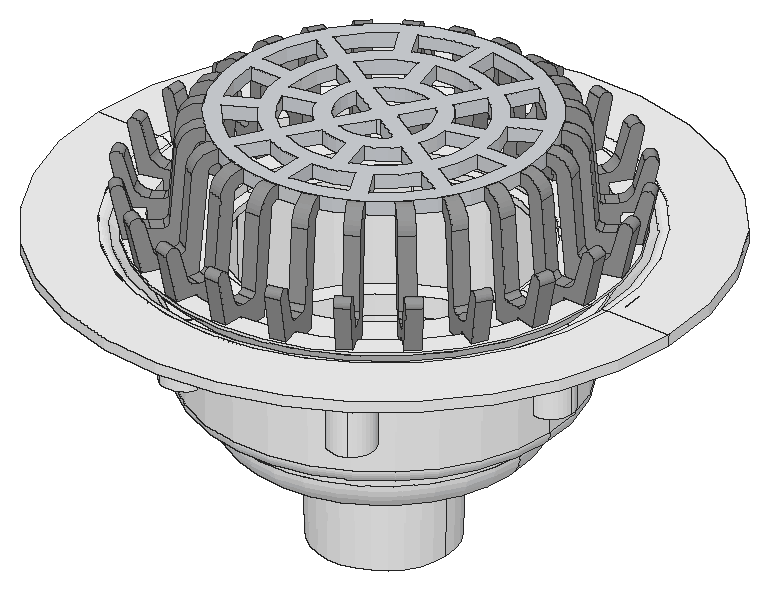
Revit family "3100.173", category Plumbing Fixtures, Revit 2016
Family settings
  Part Type = Normal
  Round Connector Dimension = Use Diameter
  OmniClass Number = 23.45.00.00
  OmniClass Title = Sanitary, Laundry, and Cleaning Equipment
  Work Plane-Based = No
  Always vertical = Yes
  Cut with Voids When Loaded = No
  Shared = No
  Room Calculation Point = No
Parameters (values of type "3100.173")
  Waste Connection = yes
  Vent Connection = yes
  URL = "www.aquaknight.co.nz"
  Phone = "+6498322214"  # constant formula
  Model = "3100.173"
  Manufacturer = "Aquanight Industries Ltd"  # constant formula
  HW Connection = no
  Email = "info@aquaknight.co.nz"  # constant formula
  Description = "Roof Drain SD HF BE50 DN100x50"
  CW Connection = no
Reference planes
  plane 1 "Center (Front/Back)": y = 0
  plane 2: z = 0
  plane 3 "Center (Left/Right)": x = 0
  plane 4: z = -80
Forms (mm)
  Revolve 1, solid, material "Stainless Steel", detail levels coarse+medium
    sketch origin (0, 0, -4) x (1, 0, 0) y (0, 0, 1)
      loop
        arc (-74.388, 8.35) -> (-77.362, 9.331) -> (-79.169, 11.888) r 5
        line (-79.169, 11.888) -> (-82.46, 22.651)
        arc (-82.46, 22.651) -> (-85.284, 24.218) -> (-86.95, 21.452) r 2.325
        line (-86.95, 21.452) -> (-83.071, 4.65) -> (-75, 4.65) -> (-75, 1.923) -> (-63.725, 1.923) -> (-60.88, 34.436)
        arc (-60.88, 34.436) -> (-59.277, 37.686) -> (-55.899, 39) r 5
        line (-55.899, 39) -> (0, 39) -> (0, 44) -> (-57.463, 44)
        arc (-57.463, 44) -> (-63.271, 41.727) -> (-65.991, 36.115) r 8.554
        line (-65.991, 36.115) -> (-68.033, 10.092)
        arc (-68.033, 10.092) -> (-68.634, 8.852) -> (-69.917, 8.35) r 1.89
        line (-69.917, 8.35) -> (-74.388, 8.35)
      axis (0, 44) -> (0, 1.923)
    angle from 0 to 360
  Revolve 2, solid, material "Plastic, Glossy White"
    sketch origin (0, 0, -4) x (1, 0, 0) y (0, 0, 1)
      loop
        line (-55.289, -60.153) -> (-55.401, -53.75) -> (-61.598, -53.75)
        arc (-61.598, -53.75) -> (-65.465, -52.168) -> (-67.114, -48.331) r 5.517
        line (-67.114, -48.331) -> (-67.623, -19.5) -> (-74.069, -19.5)
        arc (-74.069, -19.5) -> (-76.896, -18.33) -> (-78.069, -15.504) r 4
        line (-78.069, -15.504) -> (-78.069, -12.648) -> (-89.863, 0) -> (-115, 0) -> (-115, 4) -> (-90.298, 4)
        arc (-90.298, 4) -> (-88.304, 3.585) -> (-86.641, 2.41) r 5
        line (-86.641, 2.41) -> (-75.069, -10) -> (-72.737, -12.5) -> (-59.466, -12.5) -> (-58.805, -50.375) -> (-51.459, -50.375) -> (-51.459, -58.087)
        arc (-51.459, -58.087) -> (-48.832, -64.843) -> (-42.331, -68.049) r 10
        line (-42.331, -68.049) -> (-21.456, -69.875) -> (-21.456, -107.537) -> (-25.034, -107.537) -> (-25.784, -73.512) -> (-44.246, -71.897)
        arc (-44.246, -71.897) -> (-51.977, -68.126) -> (-55.199, -60.152) r 12
      loop
        line (-51.5, -6.15) -> (-51.5, -3.639) -> (-55.5, -3.639) -> (-55.5, -0.65) -> (-75.215, -0.65) -> (-75.215, 4) -> (-83.73, 4) -> (-83.73, 3.08) -> (-75.475, -5.175) -> (-51.5, -6.15)
      axis (0, 4) -> (0, -107.537)
    angle from 0 to 360
  Extrusion 3, solid, material "Plastic, Glossy White", detail levels medium+fine
    sketch origin (0, 0, -4) x (1, 0, 0) y (0, 1, 0)
      loop
        circle (67.565, 0) r 8.2
      loop
        circle (-67.565, 0) r 8.2
      loop
        circle (-33.782, 58.513) r 8.2
      loop
        circle (33.782, 58.513) r 8.2
      loop
        circle (-33.782, -58.513) r 8.2
      loop
        circle (33.782, -58.513) r 8.2
    from -38.379 to -12.5
  Extrusion 4, solid, detail levels fine
    sketch origin (0, 0, 0) x (1, 0, 0) y (0, 1, 0)
      loop
        line (-27.924, 19.575) -> (-17.706, 13.676)
        arc (-17.706, 13.676) -> (-13.608, 17.763) -> (-8.599, 20.664) r 22.39
        line (-8.599, 20.664) -> (-11.653, 32.06)
        arc (-11.653, 32.06) -> (-20.749, 27.069) -> (-27.924, 19.575) r 34.12
      loop
        line (-5.897, 33.603) -> (-2.844, 22.206)
        arc (-2.844, 22.206) -> (2.944, 22.198) -> (8.537, 20.708) r 22.39
        line (8.537, 20.708) -> (14.437, 30.926)
        arc (14.437, 30.926) -> (4.475, 33.828) -> (-5.897, 33.603) r 34.12
      loop
        line (19.597, 27.946) -> (13.698, 17.728)
        arc (13.698, 17.728) -> (17.785, 13.63) -> (20.686, 8.621) r 22.39
        line (20.686, 8.621) -> (32.082, 11.675)
        arc (32.082, 11.675) -> (27.091, 20.771) -> (19.597, 27.946) r 34.12
      loop
        arc (22.228, 2.866) -> (22.22, -2.922) -> (20.729, -8.515) r 22.39
        line (20.729, -8.515) -> (30.948, -14.415)
        arc (30.948, -14.415) -> (33.85, -4.454) -> (33.625, 5.919) r 34.12
        line (33.625, 5.919) -> (22.228, 2.866)
      loop
        line (27.924, -19.575) -> (17.706, -13.676)
        arc (17.706, -13.676) -> (13.608, -17.763) -> (8.599, -20.664) r 22.39
        line (8.599, -20.664) -> (11.653, -32.06)
        arc (11.653, -32.06) -> (20.749, -27.069) -> (27.924, -19.575) r 34.12
      loop
        line (5.941, -33.603) -> (2.887, -22.206)
        arc (2.887, -22.206) -> (-2.901, -22.198) -> (-8.493, -20.708) r 22.39
        line (-8.493, -20.708) -> (-14.393, -30.926)
        arc (-14.393, -30.926) -> (-4.432, -33.828) -> (5.941, -33.603) r 34.12
      loop
        line (-19.553, -27.946) -> (-13.654, -17.728)
        arc (-13.654, -17.728) -> (-17.741, -13.63) -> (-20.642, -8.621) r 22.39
        line (-20.642, -8.621) -> (-32.038, -11.675)
        arc (-32.038, -11.675) -> (-27.047, -20.771) -> (-19.553, -27.946) r 34.12
      loop
        line (-33.581, -5.919) -> (-22.184, -2.866)
        arc (-22.184, -2.866) -> (-22.177, 2.922) -> (-20.686, 8.515) r 22.39
        line (-20.686, 8.515) -> (-30.904, 14.415)
        arc (-30.904, 14.415) -> (-33.806, 4.454) -> (-33.581, -5.919) r 34.12
      loop
        arc (-15.566, 5.56) -> (-15.964, -4.283) -> (-10.698, -12.609) r 16.55
        line (-10.698, -12.609) -> (-4.566, -1.988)
        arc (-4.566, -1.988) -> (-4.808, -1.294) -> (-4.945, -0.573) r 5
        line (-4.945, -0.573) -> (-15.566, 5.56)
      loop
        arc (-1.966, 4.588) -> (-1.272, 4.83) -> (-0.551, 4.967) r 5
        line (-0.551, 4.967) -> (5.581, 15.588)
        arc (5.581, 15.588) -> (-4.262, 15.986) -> (-12.587, 10.72) r 16.55
        line (-12.587, 10.72) -> (-1.966, 4.588)
      loop
        arc (4.61, 1.988) -> (4.852, 1.294) -> (4.989, 0.573) r 5
        line (4.989, 0.573) -> (15.61, -5.56)
        arc (15.61, -5.56) -> (16.008, 4.283) -> (10.742, 12.609) r 16.55
        line (10.742, 12.609) -> (4.61, 1.988)
      loop
        arc (2.01, -4.588) -> (1.316, -4.83) -> (0.594, -4.967) r 5
        line (0.594, -4.967) -> (-5.538, -15.588)
        arc (-5.538, -15.588) -> (4.305, -15.986) -> (12.631, -10.72) r 16.55
        line (12.631, -10.72) -> (2.01, -4.588)
      loop
        line (-35.926, 17.314) -> (-46.028, 23.147)
        arc (-46.028, 23.147) -> (-49.762, 13.34) -> (-51.432, 2.979) r 51.54
        line (-51.432, 2.979) -> (-39.767, 2.979)
        arc (-39.767, 2.979) -> (-38.519, 10.327) -> (-35.926, 17.314) r 39.9
      loop
        line (-22.453, 32.968) -> (-28.285, 43.071)
        arc (-28.285, 43.071) -> (-36.422, 36.444) -> (-43.049, 28.307) r 51.54
        line (-43.049, 28.307) -> (-32.946, 22.475)
        arc (-32.946, 22.475) -> (-28.192, 28.214) -> (-22.453, 32.968) r 39.9
      loop
        line (-2.957, 39.789) -> (-2.957, 51.454)
        arc (-2.957, 51.454) -> (-13.318, 49.784) -> (-23.125, 46.05) r 51.54
        line (-23.125, 46.05) -> (-17.292, 35.948)
        arc (-17.292, 35.948) -> (-10.305, 38.54) -> (-2.957, 39.789) r 39.9
      loop
        line (17.292, 35.948) -> (23.125, 46.05)
        arc (23.125, 46.05) -> (13.318, 49.784) -> (2.957, 51.454) r 51.54
        line (2.957, 51.454) -> (2.957, 39.789)
        arc (2.957, 39.789) -> (10.305, 38.54) -> (17.292, 35.948) r 39.9
      loop
        line (32.946, 22.475) -> (43.049, 28.307)
        arc (43.049, 28.307) -> (36.422, 36.444) -> (28.285, 43.071) r 51.54
        line (28.285, 43.071) -> (22.453, 32.968)
        arc (22.453, 32.968) -> (28.192, 28.214) -> (32.946, 22.475) r 39.9
      loop
        line (39.767, 2.979) -> (51.432, 2.979)
        arc (51.432, 2.979) -> (49.762, 13.34) -> (46.028, 23.147) r 51.54
        line (46.028, 23.147) -> (35.926, 17.314)
        arc (35.926, 17.314) -> (38.519, 10.327) -> (39.767, 2.979) r 39.9
      loop
        line (35.926, -17.314) -> (46.028, -23.147)
        arc (46.028, -23.147) -> (49.762, -13.34) -> (51.432, -2.979) r 51.54
        line (51.432, -2.979) -> (39.767, -2.979)
        arc (39.767, -2.979) -> (38.519, -10.327) -> (35.926, -17.314) r 39.9
      loop
        line (22.453, -32.968) -> (28.285, -43.071)
        arc (28.285, -43.071) -> (36.422, -36.444) -> (43.049, -28.307) r 51.54
        line (43.049, -28.307) -> (32.946, -22.475)
        arc (32.946, -22.475) -> (28.192, -28.214) -> (22.453, -32.968) r 39.9
      loop
        line (2.957, -39.789) -> (2.957, -51.454)
        arc (2.957, -51.454) -> (13.318, -49.784) -> (23.125, -46.05) r 51.54
        line (23.125, -46.05) -> (17.292, -35.948)
        arc (17.292, -35.948) -> (10.305, -38.54) -> (2.957, -39.789) r 39.9
      loop
        line (-17.292, -35.948) -> (-23.125, -46.05)
        arc (-23.125, -46.05) -> (-13.318, -49.784) -> (-2.957, -51.454) r 51.54
        line (-2.957, -51.454) -> (-2.957, -39.789)
        arc (-2.957, -39.789) -> (-10.305, -38.54) -> (-17.292, -35.948) r 39.9
      loop
        line (-32.946, -22.475) -> (-43.049, -28.307)
        arc (-43.049, -28.307) -> (-36.422, -36.444) -> (-28.285, -43.071) r 51.54
        line (-28.285, -43.071) -> (-22.453, -32.968)
        arc (-22.453, -32.968) -> (-28.192, -28.214) -> (-32.946, -22.475) r 39.9
      loop
        line (-39.767, -2.979) -> (-51.432, -2.979)
        arc (-51.432, -2.979) -> (-49.762, -13.34) -> (-46.028, -23.147) r 51.54
        line (-46.028, -23.147) -> (-35.926, -17.314)
        arc (-35.926, -17.314) -> (-38.519, -10.327) -> (-39.767, -2.979) r 39.9
      loop
        circle (-0.022, 0) r 57.265
    from 35 to 40
Lines and regions (mm)
  model lines, detail levels medium+fine
    curve 1: circle (53.522, 92.665, 0) r 4.5 normal (0, 0, 1)
    curve 2: circle (107.022, 0, 0) r 4.5 normal (0, 0, 1)
    curve 3: circle (-53.478, 92.665, 0) r 4.5 normal (0, 0, 1)
    curve 4: circle (-106.978, 0, 0) r 4.5 normal (0, 0, 1)
    curve 5: circle (-53.478, -92.665, 0) r 4.5 normal (0, 0, 1)
    curve 6: circle (53.522, -92.665, 0) r 4.5 normal (0, 0, 1)
Dimensions and locks
  locked: level to plane 4 at 80
  locked: connector elem to plane 1 "Center (Front/Back)" at 0
  locked: connector elem to plane 3 "Center (Left/Right)" at 0
  aligned and locked: level to plane 2
Nested families
  nested 1: "hook" at (0, 0, 0), type "230", detail levels fine
  nested 2: "hook" at (0, 0, 0) x (0.9659, 0.2588, 0) z (0, 0, 1), type "230", detail levels fine
  nested 3: "hook" at (0, 0, 0) x (0.866, 0.5, 0) z (0, 0, 1), type "230", detail levels fine
  nested 4: "hook" at (0, 0, 0) x (0.7071, 0.7071, 0) z (0, 0, 1), type "230", detail levels fine
  nested 5: "hook" at (0, 0, 0) x (0.5, 0.866, 0) z (0, 0, 1), type "230", detail levels fine
  nested 6: "hook" at (0, 0, 0) x (0.2588, 0.9659, 0) z (0, 0, 1), type "230", detail levels fine
  nested 7: "hook" at (0, 0, 0) x (0, 1, 0) z (0, 0, 1), type "230", detail levels fine
  nested 8: "hook" at (0, 0, 0) x (-0.2588, 0.9659, 0) z (0, 0, 1), type "230", detail levels fine
  nested 9: "hook" at (0, 0, 0) x (-0.5, 0.866, 0) z (0, 0, 1), type "230", detail levels fine
  nested 10: "hook" at (0, 0, 0) x (-0.7071, 0.7071, 0) z (0, 0, 1), type "230", detail levels fine
  nested 11: "hook" at (0, 0, 0) x (-0.866, 0.5, 0) z (0, 0, 1), type "230", detail levels fine
  nested 12: "hook" at (0, 0, 0) x (-0.9659, 0.2588, 0) z (0, 0, 1), type "230", detail levels fine
  nested 13: "hook" at (0, 0, 0) x (-1, 0, 0) z (0, 0, 1), type "230", detail levels fine
  nested 14: "hook" at (0, 0, 0) x (-0.9659, -0.2588, 0) z (0, 0, 1), type "230", detail levels fine
  nested 15: "hook" at (0, 0, 0) x (-0.866, -0.5, 0) z (0, 0, 1), type "230", detail levels fine
  nested 16: "hook" at (0, 0, 0) x (-0.7071, -0.7071, 0) z (0, 0, 1), type "230", detail levels fine
  nested 17: "hook" at (0, 0, 0) x (-0.5, -0.866, 0) z (0, 0, 1), type "230", detail levels fine
  nested 18: "hook" at (0, 0, 0) x (-0.2588, -0.9659, 0) z (0, 0, 1), type "230", detail levels fine
  nested 19: "hook" at (0, 0, 0) x (0, -1, 0) z (0, 0, 1), type "230", detail levels fine
  nested 20: "hook" at (0, 0, 0) x (0.2588, -0.9659, 0) z (0, 0, 1), type "230", detail levels fine
  nested 21: "hook" at (0, 0, 0) x (0.5, -0.866, 0) z (0, 0, 1), type "230", detail levels fine
  nested 22: "hook" at (0, 0, 0) x (0.7071, -0.7071, 0) z (0, 0, 1), type "230", detail levels fine
  nested 23: "hook" at (0, 0, 0) x (0.866, -0.5, 0) z (0, 0, 1), type "230", detail levels fine
  nested 24: "hook" at (0, 0, 0) x (0.9659, -0.2588, 0) z (0, 0, 1), type "230", detail levels fine
Connectors
  piping at (0, 0, -80), diameter 50
    settings: on plane 4, index 1, connector inside diameter 609.6 mm, connector length 0 mm, flow factor 0, pipe flow 0.0 L/s, pressure drop 0.0 Pa, fitting loss kfactor 0, connector angle 0.00°, fixture units 0, engagement length 0 mm, angle of deflection 0.00°, flow configuration 0, flow direction 0, fitting loss method 0, system type 28, joint type 0, gender type 0, connector reference index -1, connector utility 0, adjustable connector no, is connector primary yes, connector description ""
Definition of nested family "hook"
  Parameters (values of type "230")
    Waste Connection = yes
    Vent Connection = yes
    URL = ""
    Model = ""
    Manufacturer = ""
    HW Connection = no
    Description = ""
    CW Connection = no
  Reference planes
    plane 1 "Center (Front/Back)": y = 0
    plane 2: z = 0
    plane 3 "Center (Left/Right)": x = 0
    plane 4: z = -47.5
  Forms (mm)
    Extrusion 1, solid, detail levels fine
      sketch origin (0, 0, 0) x (1, 0, 0) y (0, 0, 1)
        loop
          arc (-74.388, 4.35) -> (-77.362, 5.331) -> (-79.169, 7.888) r 5
          line (-79.169, 7.888) -> (-82.46, 18.651)
          arc (-82.46, 18.651) -> (-85.284, 20.218) -> (-86.95, 17.452) r 2.325
          line (-86.95, 17.452) -> (-83.071, 0.65) -> (-75, 0.65) -> (-75, -4.65) -> (-63.95, -4.65) -> (-60.77, 31.692)
          arc (-60.77, 31.692) -> (-59.638, 34.021) -> (-57.24, 34.999) r 3.624
          line (-57.24, 34.999) -> (-57.24, 39.996)
          arc (-57.24, 39.996) -> (-63.183, 37.831) -> (-65.988, 32.162) r 8.504
          line (-65.988, 32.162) -> (-68.033, 6.092)
          arc (-68.033, 6.092) -> (-68.634, 4.852) -> (-69.917, 4.35) r 1.89
          line (-69.917, 4.35) -> (-74.388, 4.35)
      from -2.8 to 2.8
  Dimensions and locks
    level to plane 4 = 47.5 mm
    aligned and locked: level to plane 2
